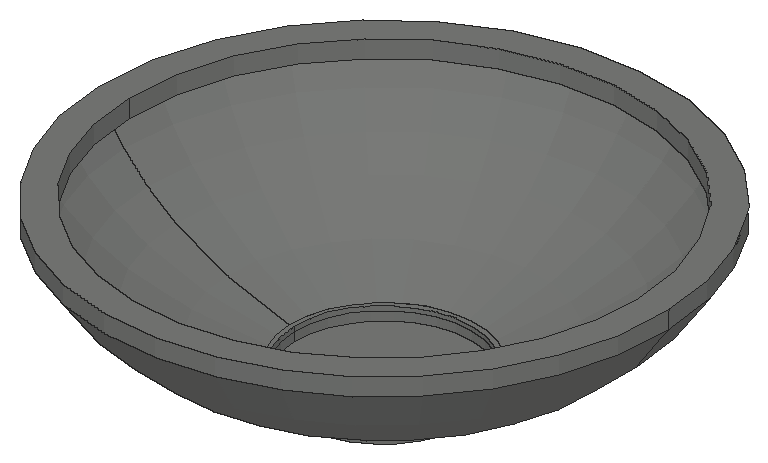
Revit family "Specialty_Equipment-Planter-Planters_Unlimited-Modern-Rosetta Bowl Planter-rev", category Specialty Equipment, Revit 2023
Family settings
  Round Connector Dimension = Use Diameter
  Part Type = Normal
  OmniClass Number = 23.40.05.21.17
  OmniClass Title = Planters
  Work Plane-Based = No
  Enable Cutting in Views = No
  Always vertical = Yes
  Cut with Voids When Loaded = No
  Maintain Annotation Orientation = No
  Shared = No
  Room Calculation Point = No
Parameters (values of type "48" Dia x14"H")
  URL = "https://www.plantersunlimited.com"
  Type Comments = "Rosetta Fiberglass Bowl Planter"  # constant formula
  Model = "Lunetta Fiberglass Low Bowl Planter"  # constant formula
  Manufacturer = "Planters Unlimited"  # constant formula
  Description = "Modular Planting Bed"  # constant formula
  Default Elevation = 0' - 0"
  CD_Width = 4' - 0"
  CD_Specification = "https://www.plantersunlimited.com/content/Planters/F1-ROS-R.pdf"
  CD_Height = 1' - 2"
  CD_Diameter Min = CD_Width / 3  # 1' - 4"
  CD_Product Page URL = "https://www.plantersunlimited.com/low-profile-planter/"
  CD_Product Name [instance] = "Rosetta Bowl Planter"  # constant formula
  CD_Offset = 0' - 0 1/2"
  CD_Microsite = "https://www.caddetails.com/3404"
  CD_Diameter = 0' - 0"
  CD_Finish = Matte-Semi Glos-Gloss-Sand
  CD_Created By = "CADdetails LTD. 2025"  # constant formula
  Base thickness = 0' - 0.7874"
  Assembly Code = "G2050600"
Types (5): name | CD_Width | CD_Height | CD_Diameter Min
  (no name) | 4' - 0" | 1' - 2" | 1' - 4"
  48" Dia x14"H | 4' - 0" | 1' - 2" | 1' - 4"
  96" Dia x16"H | 8' - 0" | 1' - 4.00787" | 2' - 8"
  112" Dia x18"H | 9' - 4" | 1' - 6" | 3' - 1.33333"
  60" Dia x14"H | 5' - 0" | 1' - 2" | 1' - 8"
Reference planes (in)
  plane 1 "Center (Front/Back)": y = 0
  plane 2: z = 0
  plane 3 "Center (Left/Right)": x = 0
  plane 4 "Front": y = 0
  plane 5 "Back": y = 0
  plane 6 "Top": z = 14
  plane 7 "Bottom of Bin": z = 0
  plane 8 "Bottom of Planter": z = 0
  plane 9 "Bottom of Bed": z = 0.5
  plane 10: x = -8
  plane 11: x = 8
  plane 12 "Center L/CC": z = 1.2874
  plane 13: y = 8
  plane 14: y = -8
  plane 15: x = -24
  plane 16: x = 24
  plane 17: z = 2.4685
Forms (in)
  Extrusion 1, solid, material "Matte-Semi Glos-Gloss-Sand" <- "CD_Finish"
    sketch origin (0, 0, 14) x (-1, 0, 0) y (0, -1, 0)
      loop
        circle (0, 0) r 8
    from -14 to -13.5
  Extrusion 2, solid, material "Matte-Semi Glos-Gloss-Sand" <- "CD_Finish"
    sketch origin (0, 0, 14) x (-1, 0, 0) y (0, -1, 0)
      loop
        circle (0, 0) r 8
    from -14 to -13.5
  Sweep 3, solid, material "Matte-Semi Glos-Gloss-Sand" <- "CD_Finish"
    path origin (0, 0, 0.5) x (-1, 0, 0) y (0, -1, 0)
      loop
        circle (0, 0) r 24
    profile origin (-24, 0, 0.5) x (-1, 0, 0) y (0, 0, 1)
      loop
        line (0, 13.5) -> (-0.63842, 13.5) -> (-0.63842, 12) -> (-0.44042, 12)
        spline (-0.44042, 12) -> (-1.2092, 10.75137) -> (-2.07353, 9.56607) -> (-3.03367, 8.444) -> (-4.08986, 7.38504) -> (-5.24235, 6.38908) -> (-6.49139, 5.456) -> (-7.83721, 4.58572) -> (-9.27993, 3.77835) -> (-10.81965, 3.034) -> (-12.45648, 2.35282) -> (-14.19051, 1.73494) -> (-16.02184, 1.1805)
        line (-16.02184, 1.1805) -> (-16.3937, 1.1805) -> (-16.3937, 0.7874) -> (-16, 0.7874)
        spline (-16, 0.7874) -> (-14.12247, 1.36362) -> (-12.34389, 2.00496) -> (-10.66425, 2.71142) -> (-9.08356, 3.483) -> (-7.60181, 4.3197) -> (-6.219, 5.22152) -> (-4.93514, 6.18847) -> (-3.75023, 7.22053) -> (-2.66425, 8.31772) -> (-1.67722, 9.48002) -> (-0.78914, 10.70745) -> (0, 12)
        line (0, 12) -> (0, 13.5)
  Sweep 4, solid, material "Matte-Semi Glos-Gloss-Sand" <- "CD_Finish"
    path origin (0, 0, 0.5) x (-1, 0, 0) y (0, -1, 0)
      loop
        circle (0, 0) r 8
    profile origin (-8, 0, 0.5) x (-1, 0, 0) y (0, 0, 1)
      loop
        line (0, 0.7874) -> (-0.3937, 0.7874) -> (-0.3937, 0) -> (0, 0) -> (0, 0.7874)
  Sweep 5, solid, material "Matte-Semi Glos-Gloss-Sand" <- "CD_Finish"
    path origin (0, 0, 14) x (-1, 0, 0) y (0, -1, 0)
      loop
        circle (0, 0) r 24
    profile origin (-24, 0, 14) x (1, 0, 0) y (0, 0, 1)
      loop
        line (0, 0) -> (0, -1.5) -> (2.5, -1.5) -> (2.5, 0) -> (0, 0)
Cuts and joins
  joined: Extrusion 1, Extrusion 2, Sweep 3, Sweep 4, Sweep 5
Dimensions and locks (in)
  "CD_Diameter": plane 4 "Front" to plane 5 "Back"
  equal spacing: plane 4 "Front", plane 1 "Center (Front/Back)", plane 5 "Back"
  locked: plane 7 "Bottom of Bin" to level
  "CD_Height": plane 6 "Top" to plane 8 "Bottom of Planter"
  locked: plane 9 "Bottom of Bed" to plane 8 "Bottom of Planter" at 0.5
  plane 6 "Top" to level = 1' - 2"
  "CD_Diameter Min": plane 11 to plane 10
  equal spacing: plane 11, plane 3 "Center (Left/Right)", plane 10
  "Base thickness": plane 12 "Center L/CC" to plane 9 "Bottom of Bed"
  equal spacing: plane 14, plane 1 "Center (Front/Back)", plane 13
  "CD_Diameter Min": plane 13 to plane 14
  "CD_Offset": plane 9 "Bottom of Bed" to level
  equal spacing: plane 16, plane 3 "Center (Left/Right)", plane 15
  "CD_Width": plane 16 to plane 15
  equal spacing: plane 15, plane 3 "Center (Left/Right)", plane 16
  locked: Sweep 3 sketch curve to plane 10 at 0.3937
  locked: Sweep 5 sketch curve to Sweep 5 sketch curve at 2.5
  locked: profile plane to Sweep 5 sketch curve at 1.5
  locked: Sweep 3 sketch curve to plane 15 at 0.63842
  locked: plane 17 to profile plane at 1.9685
  locked: plane 6 "Top" to Sweep 3 sketch curve at 1.5
  "CD_Diameter Min": diameter of Extrusion 2 sketch curve
  "CD_Diameter Min": diameter of Extrusion 1 sketch curve
  "CD_Width": diameter of Sweep 3 sketch curve
  "CD_Diameter Min": diameter of Sweep 4 sketch curve
  "CD_Width": diameter of Sweep 5 sketch curve
  aligned and locked: level to plane 2
  aligned and locked: Extrusion 1 to plane 9 "Bottom of Bed"
  aligned and locked: Extrusion 2 to plane 9 "Bottom of Bed"
  aligned and locked: plane 6 "Top" to Sweep 3 sketch curve
  aligned and locked: profile plane to Sweep 4 sketch curve
  aligned and locked: plane 9 "Bottom of Bed" to Sweep 4 sketch curve
  aligned and locked: plane 12 "Center L/CC" to Sweep 4 sketch curve
  aligned and locked: Extrusion 2 to Extrusion 1
  aligned and locked: Extrusion 1 to level
Automatic sketch dimensions
  profile plane to Sweep 4 sketch curve = 0' - 0.3937"
  profile plane to Sweep 5 sketch curve = 0' - 0"
  Sweep 5 sketch curve to plane 6 "Top" = 0' - 0"
  Sweep 3 sketch curve to profile plane = 0' - 0"
  Sweep 3 sketch curve to plane 17 = 0' - 0.78801"
  Sweep 3 sketch curve to Sweep 3 sketch curve = 0' - 0.37186"
  Sweep 3 sketch curve to plane 9 "Bottom of Bed" = 0' - 0.7874"
  Sweep 3 sketch curve to Sweep 3 sketch curve = 0' - 0.02184"
  Sweep 3 sketch curve to Sweep 3 sketch curve = 0' - 0.19799"
  Sweep 3 sketch curve to Sweep 3 sketch curve = 0' - 0"
  plane 1 "Center (Front/Back)" to Extrusion 1 sketch curve = 0' - 0"
  Extrusion 1 sketch curve to plane 3 "Center (Left/Right)" = 0' - 0"
  plane 1 "Center (Front/Back)" to Extrusion 2 sketch curve = 0' - 0"
  Extrusion 2 sketch curve to plane 3 "Center (Left/Right)" = 0' - 0"
  plane 1 "Center (Front/Back)" to Sweep 3 sketch curve = 0' - 0"
  Sweep 3 sketch curve to plane 3 "Center (Left/Right)" = 0' - 0"
  plane 1 "Center (Front/Back)" to Sweep 4 sketch curve = 0' - 0"
  Sweep 4 sketch curve to plane 3 "Center (Left/Right)" = 0' - 0"
  plane 1 "Center (Front/Back)" to Sweep 5 sketch curve = 0' - 0"
  Sweep 5 sketch curve to plane 3 "Center (Left/Right)" = 0' - 0"
